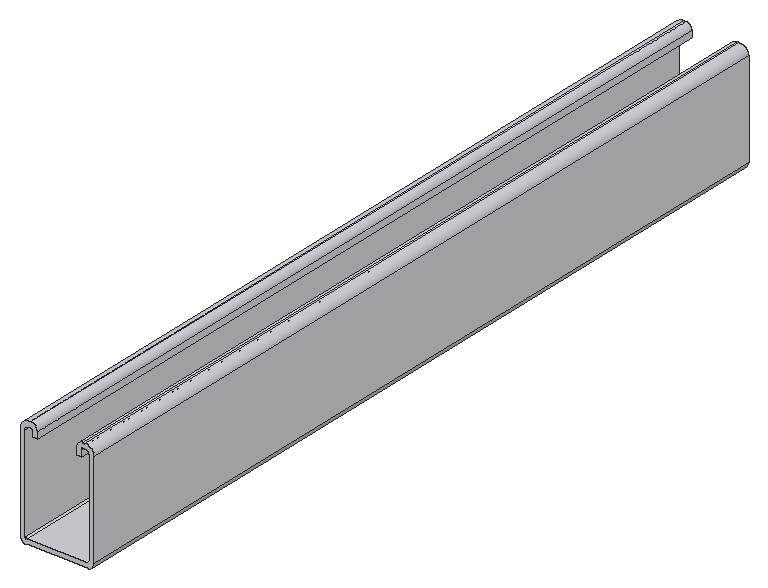
Revit family "Channel-Unistrut-P5500_KO", category Specialty Equipment, Revit 2012
Parameters (values of type "P5500 KO")
  ecoScorecard_data = ""
  ecoScorecard Product Page = ""
  Weight Per Foot = 2.47 lbf/ft
  Unit = none
  URL = "http://unistrut.us/index.php"
  Subcategory = "1 5/8\" Channels"
  Product Page URL = "http://unistrut.us/index.php?WP=cat_detail&S=S05&P=P5500ko"
  Power Strut Part Number = "PS 200 KO6"  # constant formula
  Part Type = "Channel"  # constant formula
  Part Number = ""
  Overall Width = 1 5/8"  # constant formula
  Overall Height = 2 7/16"  # constant formula
  Model = "P5500 KO"  # constant formula
  Material = "Multiple Options - See Catalog"
  Manufacturer Toll Free Phone = "800-882-5543"  # constant formula
  Manufacturer Phone = "708-339-1610"  # constant formula
  Manufacturer Fax = "708-339-7814"  # constant formula
  Manufacturer Email = "mailto:questions@atkore.com"
  Manufacturer Address = "16100 South Lathrop Avenue, Harvey, IL 60426"  # constant formula
  Manufacturer = "Unistrut by Atkore International"  # constant formula
  Load Capacity Note = "Visit the product page for load application and capacity."  # constant formula
  Literature URL = "http://unistrut.us/index.php?WP=LItLibrary"
  Length [instance] = 18"
  Hole Spacing On Center Dimension = 6"
  Gauge Thickness = "12 Gauge (.105”)"  # constant formula
  Description = "P5500 KO Channel"  # constant formula
  Cost Info = "mailto:questions@atkore.com"
  Construction Note = "7⁄8\" Knockouts @ 6\" on Center"
  Category = "Specialty Equipment"  # constant formula
  CSI MasterSpec = "http://www.unistrut.us/a_files/TechRef/Unistrut_CSI_05430.pdf"
  CAD URL = "http://unistrut.us/index.php?WP=CAD3d"
  Assembly Code = "D5020100"
  95 CSI = "16070"  # constant formula
  04 CSI = "26 05 48"  # constant formula
Reference planes (in)
  plane 1 "Center (Front/Back)": y = 0
  plane 2: z = 0
  plane 3 "Center (Left/Right)": x = 0
  plane 4: z = 2.4375
  plane 5: y = 9
  plane 6: x = -0.8125
  plane 7: y = -9
  plane 8: x = 0.8125
  plane 9: y = -3
Dimensions and locks (in)
  "Overall Height": plane 4 to level
  equal spacing: plane 6, plane 3 "Center (Left/Right)", plane 8
  "Overall Width": plane 6 to plane 8
  equal spacing: plane 5, plane 1 "Center (Front/Back)", plane 7
  "Length": plane 5 to plane 7
  "Hole Spacing On Center Dimension": plane 7 to plane 9
  aligned and locked: level to plane 2
  aligned and locked: plane 1 "Center (Front/Back)" to nested 1
  aligned and locked: plane 3 "Center (Left/Right)" to nested 1
  aligned and locked: nested 1 to level
Nested families (in)
  nested 1: "P5500 KO Channel" at (0, 0, 0), Length <- "Length", Knockouts Spacing On Center <- "Hole Spacing On Center Dimension", type "P5500 KO Channel"
    with Length 18", Knockouts Spacing On Center 6", # Of Array 2
Definition of nested family "P5500 KO Channel"
  Parameters (values of type "P5500 KO Channel")
    Width = 1 5/8"  # constant formula
    Unit = none
    Length [instance] = 60"
    Knockouts Spacing On Center [instance] = 6"
    Hole Radius = 7/16"  # constant formula
    Height = 2 7/16"  # constant formula
    # Of Array [instance] = (Length / Knockouts Spacing On Center) - 1  # 9
  Reference planes (in)
    plane 1 "Center (Front/Back)": y = 0
    plane 2: z = 0
    plane 3 "Center (Left/Right)": x = 0
    plane 4: z = 2.4375
    plane 5: x = -0.8125
    plane 6: x = 0.8125
    plane 7: y = 30
    plane 8: y = -30
    plane 9: x = 0.4375
    plane 10: x = -0.4375
    plane 11: z = 2.15625
    plane 12: y = -24
    plane 13: y = -18
    plane 14: z = 0.105
  Forms (in)
    Sweep 1, solid, material <- "Unit", detail levels fine
      path origin (0, 0, 0) x (1, 0, 0) y (0, 1, 0)
        loop
          line (0, 30) -> (0, -30)
      profile origin (0, 0, 0) x (1, 0, 0) y (0, 0, 1)
        loop
          line (0.8125, 0.13625) -> (0.8125, 2.23875)
          arc (0.8125, 2.23875) -> (0.75429, 2.37929) -> (0.61375, 2.4375) r 0.19875
          line (0.61375, 2.4375) -> (0.57375, 2.4375)
          arc (0.57375, 2.4375) -> (0.47741, 2.39759) -> (0.4375, 2.30125) r 0.13625
          line (0.4375, 2.30125) -> (0.4375, 2.1565) -> (0.5425, 2.1565) -> (0.5425, 2.30125)
          arc (0.5425, 2.30125) -> (0.55165, 2.32335) -> (0.57375, 2.3325) r 0.03125
          line (0.57375, 2.3325) -> (0.61375, 2.3325)
          arc (0.61375, 2.3325) -> (0.68004, 2.30504) -> (0.7075, 2.23875) r 0.09375
          line (0.7075, 2.23875) -> (0.7075, 0.13625)
          arc (0.7075, 0.13625) -> (0.69835, 0.11415) -> (0.67625, 0.105) r 0.03125
          line (0.67625, 0.105) -> (-0.67625, 0.105)
          arc (-0.67625, 0.105) -> (-0.69835, 0.11415) -> (-0.7075, 0.13625) r 0.03125
          line (-0.7075, 0.13625) -> (-0.7075, 2.23875)
          arc (-0.7075, 2.23875) -> (-0.68004, 2.30504) -> (-0.61375, 2.3325) r 0.09375
          line (-0.61375, 2.3325) -> (-0.57375, 2.3325)
          arc (-0.57375, 2.3325) -> (-0.55165, 2.32335) -> (-0.5425, 2.30125) r 0.03125
          line (-0.5425, 2.30125) -> (-0.5425, 2.1565) -> (-0.4375, 2.1565) -> (-0.4375, 2.30125)
          arc (-0.4375, 2.30125) -> (-0.47741, 2.39759) -> (-0.57375, 2.4375) r 0.13625
          line (-0.57375, 2.4375) -> (-0.61375, 2.4375)
          arc (-0.61375, 2.4375) -> (-0.75429, 2.37929) -> (-0.8125, 2.23875) r 0.19875
          line (-0.8125, 2.23875) -> (-0.8125, 0.13625)
          arc (-0.8125, 0.13625) -> (-0.77259, 0.03991) -> (-0.67625, 0) r 0.13625
          line (-0.67625, 0) -> (0.67625, 0)
          arc (0.67625, 0) -> (0.77259, 0.03991) -> (0.8125, 0.13625) r 0.13625
    Extrusion 2, void
      sketch origin (-0.67625, -180, 0.105) x (0, -1, 0) y (-1, 0, 0)
        loop
          circle (-156, -0.67625) r 0.4375
      from 0 to 0.105
    Extrusion 3, void
      sketch origin (-0.67625, -174, 0.105) x (0, -1, 0) y (-1, 0, 0)
        loop
          circle (-156, -0.67625) r 0.4375
      from 0 to 0.105
    Extrusion 4, void
      sketch origin (-0.67625, -168, 0.105) x (0, -1, 0) y (-1, 0, 0)
        loop
          circle (-156, -0.67625) r 0.4375
      from 0 to 0.105
    Extrusion 5, void
      sketch origin (-0.67625, -162, 0.105) x (0, -1, 0) y (-1, 0, 0)
        loop
          circle (-156, -0.67625) r 0.4375
      from 0 to 0.105
    Extrusion 6, void
      sketch origin (-0.67625, -156, 0.105) x (0, -1, 0) y (-1, 0, 0)
        loop
          circle (-156, -0.67625) r 0.4375
      from 0 to 0.105
    Extrusion 7, void
      sketch origin (-0.67625, -150, 0.105) x (0, -1, 0) y (-1, 0, 0)
        loop
          circle (-156, -0.67625) r 0.4375
      from 0 to 0.105
    Extrusion 8, void
      sketch origin (-0.67625, -144, 0.105) x (0, -1, 0) y (-1, 0, 0)
        loop
          circle (-156, -0.67625) r 0.4375
      from 0 to 0.105
    Extrusion 9, void
      sketch origin (-0.67625, -138, 0.105) x (0, -1, 0) y (-1, 0, 0)
        loop
          circle (-156, -0.67625) r 0.4375
      from 0 to 0.105
    Extrusion 10, void
      sketch origin (-0.67625, -132, 0.105) x (0, -1, 0) y (-1, 0, 0)
        loop
          circle (-156, -0.67625) r 0.4375
      from 0 to 0.105
  Cuts and joins
    Extrusion 2, Extrusion 3, Extrusion 4, Extrusion 5, Extrusion 6, Extrusion 7, Extrusion 8, Extrusion 9, Extrusion 10 cuts Sweep 1
  Lines and regions (in)
    symbolic lines, style "Channel", detail levels fine
      curve 1: line (-0.8125, 30, 0.105) -> (0.8125, 30, 0.105)
      curve 2: line (0.8125, 30, 0.105) -> (0.8125, -30, 0.105)
      curve 3: line (0.4375, 30, 0.105) -> (0.4375, -30, 0.105)
      curve 4: line (-0.4375, 30, 0.105) -> (-0.4375, -30, 0.105)
      curve 5: line (-0.8125, 30, 0.105) -> (-0.8125, -30, 0.105)
      curve 6: line (-0.8125, -30, 0.105) -> (0.8125, -30, 0.105)
  Dimensions and locks (in)
    "Height": plane 4 to level
    equal spacing: plane 6, plane 3 "Center (Left/Right)", plane 5
    "Width": plane 6 to plane 5
    equal spacing: plane 7, plane 1 "Center (Front/Back)", plane 8
    "Length": plane 7 to plane 8
    locked: plane 6 to plane 9 at 0.375
    locked: plane 5 to plane 10 at 0.375
    locked: plane 4 to plane 11 at 0.28125
    "Knockouts Spacing On Center": plane 8 to plane 12
    "Knockouts Spacing On Center": plane 13 to plane 12
    locked: plane 14 to level at 0.105
    equal spacing: group 1, group 2, group 3, group 4, group 5, group 6, group 7, group 8, group 9  (x3)
    aligned and locked: plane 2 to level
    aligned and locked: plane 7 to Sweep 1 sketch curve
    aligned and locked: plane 8 to Sweep 1 sketch curve
    aligned and locked: Sweep 1 sketch curve to plane 3 "Center (Left/Right)"
    aligned and locked: nested 1 to plane 12
    aligned and locked: plane 3 "Center (Left/Right)" to nested 1
    aligned and locked: nested 1 to plane 14
    aligned and locked: curve 1 to plane 7
    aligned and locked: curve 2 to plane 6
    aligned and locked: curve 3 to plane 9
    aligned and locked: plane 10 to curve 4
    aligned and locked: plane 8 to curve 6
    aligned and locked: plane 1 "Center (Front/Back)" to nested 2
    aligned and locked: plane 3 "Center (Left/Right)" to nested 2
    aligned and locked: nested 2 to level
    aligned and locked: nested 3 to plane 13
    aligned and locked: plane 3 "Center (Left/Right)" to nested 3
    aligned and locked: Sweep 1 to Extrusion 2
    aligned and locked: Extrusion 2 to level
  Automatic sketch dimensions
    Sweep 1 sketch curve to Sweep 1 sketch curve = 0"  (x13)
    Sweep 1 sketch curve to level = 0"
    level to Sweep 1 sketch curve = 0.13625"
    profile plane to Sweep 1 sketch curve = 13/16"
    Sweep 1 sketch curve to Sweep 1 sketch curve = 1/32"  (x3)
    Sweep 1 sketch curve to Sweep 1 sketch curve = 3/32"
    Sweep 1 sketch curve to Sweep 1 sketch curve = 0.04"  (x2)
    Sweep 1 sketch curve to Sweep 1 sketch curve = 0.07125"
    Sweep 1 sketch curve to profile plane = 7/16"
    Sweep 1 sketch curve to profile plane = 0.67625"
    Sweep 1 sketch curve to Sweep 1 sketch curve = 2.02025"
    Sweep 1 sketch curve to Sweep 1 sketch curve = 0.08225"  (x2)
    curve 5 to plane 5 = 0"
    radius of Extrusion 2 sketch curve = 7/16"
    radius of Extrusion 3 sketch curve = 7/16"
    radius of Extrusion 4 sketch curve = 7/16"
    radius of Extrusion 5 sketch curve = 7/16"
    radius of Extrusion 6 sketch curve = 7/16"
    radius of Extrusion 7 sketch curve = 7/16"
    radius of Extrusion 8 sketch curve = 7/16"
    radius of Extrusion 9 sketch curve = 7/16"
    radius of Extrusion 10 sketch curve = 7/16"
  Nested families (in)
    nested 1: "Model Line" at (0, -24, 0.105), type "Model Line", detail levels fine
      with Hole Radius 7/16"
    nested 2: "P5500 KO_Detail" at (0, 0, 0), type "P5500 KO_Detail"
    nested 3: "Model Line" at (0, -18, 0.105), type "Model Line", detail levels fine
      with Hole Radius 7/16"
    nested 4: "Model Line" at (0, -12, 0.105), type "Model Line", detail levels fine
      with Hole Radius 7/16"
    nested 5: "Model Line" at (0, -6, 0.105), type "Model Line", detail levels fine
      with Hole Radius 7/16"
    nested 6: "Model Line" at (0, 0, 0.105), type "Model Line", detail levels fine
      with Hole Radius 7/16"
    nested 7: "Model Line" at (0, 6, 0.105), type "Model Line", detail levels fine
      with Hole Radius 7/16"
    nested 8: "Model Line" at (0, 12, 0.105), type "Model Line", detail levels fine
      with Hole Radius 7/16"
    nested 9: "Model Line" at (0, 18, 0.105), type "Model Line", detail levels fine
      with Hole Radius 7/16"
    nested 10: "Model Line" at (0, 24, 0.105), type "Model Line", detail levels fine
      with Hole Radius 7/16"
  Definition of nested family "Model Line"
    Parameters (values of type "Model Line")
      Hole Radius = 9/32"
    Reference planes (in)
      plane 1 "Center (Front/Back)": y = 0
      plane 2: z = 0
      plane 3 "Center (Left/Right)": x = 0
    Lines and regions (in)
      model lines, style "Channel"
        curve 1: circle (0, 0, 0) r 0.28125 normal (0, 0, 1)
    Dimensions and locks (in)
      "Hole Radius": radius of curve 1
      radius of curve 1 = 9/32"
      aligned and locked: plane 2 to level
      aligned and locked: plane 3 "Center (Left/Right)" to curve 1
      aligned and locked: plane 1 "Center (Front/Back)" to curve 1
  Definition of nested family "P5500 KO_Detail"
    Parameters (values of type "P5500 KO_Detail")
      Unit = none
      Length = 60"
      Height = 2 7/16"  # constant formula
      Depth = 1 5/8"  # constant formula
    Reference planes (in)
      plane 1 "Center (Front/Back)": y = 0
      plane 2: z = 0
      plane 3 "Center (Left/Right)": x = 0
      plane 4: y = 30
      plane 5: y = -30
      plane 6: x = -0.8125
      plane 7: x = 0.8125
      plane 8: z = 2.4375
    Forms (in)
      Sweep 1, solid, material <- "Unit", detail levels coarse+medium
        path origin (0, 0, 0) x (1, 0, 0) y (0, 1, 0)
          loop
            line (0, 30) -> (0, -30)
        profile origin (0, 0, 0) x (1, 0, 0) y (0, 0, 1)
          loop
            line (0.8125, 2.4375) -> (-0.8125, 2.4375) -> (-0.8125, 0) -> (0.8125, 0) -> (0.8125, 2.4375)
    Lines and regions (in)
      symbolic lines, style "Channel", detail levels coarse+medium
        curve 1: line (-0.8125, 30, 0) -> (0.8125, 30, 0)
        curve 2: line (0.8125, 30, 0) -> (0.8125, -30, 0)
        curve 3: line (-0.8125, 30, 0) -> (-0.8125, -30, 0)
        curve 4: line (-0.8125, -30, 0) -> (0.8125, -30, 0)
    Dimensions and locks (in)
      equal spacing: plane 6, plane 3 "Center (Left/Right)", plane 7
      "Depth": plane 6 to plane 7
      equal spacing: plane 4, plane 1 "Center (Front/Back)", plane 5
      "Length": plane 4 to plane 5
      "Height": plane 8 to level
      aligned and locked: plane 2 to level
      aligned and locked: plane 5 to Sweep 1 sketch curve
      aligned and locked: plane 4 to Sweep 1 sketch curve
      aligned and locked: Sweep 1 sketch curve to plane 3 "Center (Left/Right)"
      aligned and locked: Sweep 1 sketch curve to plane 7
      aligned and locked: Sweep 1 sketch curve to plane 8
      aligned and locked: Sweep 1 sketch curve to plane 6
      aligned and locked: Sweep 1 sketch curve to level
      aligned and locked: curve 1 to plane 4
      aligned and locked: curve 2 to plane 7
      aligned and locked: curve 3 to plane 6
      aligned and locked: curve 4 to plane 5
